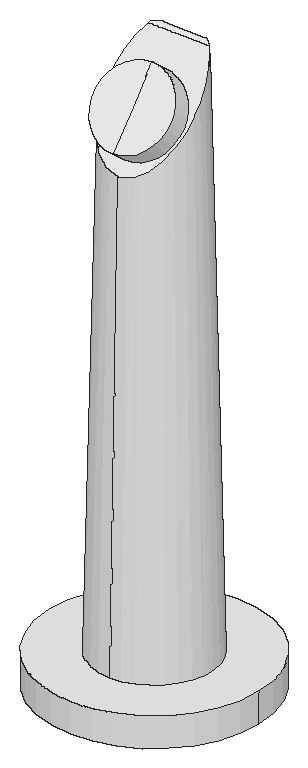
Revit family "Tub_Spout-GROHE-Eurosmart-13354XX3_Series", category Plumbing Fixtures, host Face, Revit 2018
Family settings
  Host = Face
  Round Connector Dimension = Use Diameter
  Part Type = Normal
  OmniClass Number = 23.45.05.14.21.11
  OmniClass Title = Bath/Shower Units
  Cut with Voids When Loaded = No
  Shared = Yes
  Room Calculation Point = No
Parameters (values of type "13354003")
  Width = 2 11/16"
  Waste Connection = no
  WFU = 4  # constant formula
  Vent Connection = no
  URL = "https://www.grohe.us/"
  Type Comments = ""
  Tempered Water Connection Radius = 1/4"
  Tempered Water Connection Diameter = Tempered Water Connection Radius * 2  # 1/2"
  Tempered Connection = yes
  Product Page URL = "https://www.grohe.us/Tub-Fillers/Tub-Spout/GROHE-CHROME-13354003"
  Product Documentation Link = "https://americanstandard.box.com/shared/static/e6aundnvta9qsnflgssmpyeg2ajhng1d.pdf"
  Price = "Prices may vary. Please consult Manufacturer Representative for most up-to-date price list."  # constant formula
  Model = "13354003"
  Material = "Brass-Grohe-StarLight Chrome"
  Manufacturer = "Grohe"  # constant formula
  Length = 7"
  IAPMO Compliance = "Massachusetts Plumbing Board Approved. CSA B125.1. ASME A112.18.1"  # constant formula
  Height = 2 11/16"
  HWFU = 3  # constant formula
  HW Connection = no
  Finish = Brass-Grohe-StarLight Chrome
  Description = "The Eurosmart Tub Spout has a contemporary style crafted to the exacting standards you expect from GROHE. Designed to match the Eurosmart collection, the tub spout is the perfect finishing touch."
  Default Elevation = 25"
  Creation Date = "11/15/2021"  # constant formula
  CWFU = 3  # constant formula
  CW Connection = no
  Assembly Code = "D2010510"
Types (3): name | Product Page URL | Model | Material | Finish
  (no name) | "https://www.grohe.us/Tub-Fillers/Tub-Spout/GROHE-CHROME-13354003" | "13354003" | "Brass-Grohe-StarLight Chrome" | Brass-Grohe-StarLight Chrome
  13354003 | "https://www.grohe.us/Tub-Fillers/Tub-Spout/GROHE-CHROME-13354003" | "13354003" | "Brass-Grohe-StarLight Chrome" | Brass-Grohe-StarLight Chrome
  13354EN3 | "https://www.grohe.us/Tub-Fillers/Tub-Spout/GROHE-BRUSHED-NICKEL-13354EN3" | "13354EN3" | "Brass-Grohe-Brushed Nickel Infinity Finish" | Brass-Grohe-Brushed Nickel Infinity Finish
Reference planes (in)
  plane 1 "Center (Front/Back)": y = 0
  plane 2: z = 0
  plane 3 "Center (Left/Right)": x = 0
  plane 4: z = 0.375
  plane 5: z = 6.75
  plane 6: through (0, -0.48086, 6.85726) normal (0, 0.6293, 0.7771)
  plane 7: y = -25
Forms (in)
  Extrusion 1, solid, material "Brass-Grohe-StarLight Chrome" <- "Finish"
    sketch origin (0, 0, 0) x (1, 0, 0) y (0, 1, 0)
      loop
        circle (0, 0) r 1.34375
    from 0 to 0.375
  Revolve 2, solid, material "Brass-Grohe-StarLight Chrome" <- "Finish"
    sketch origin (0, 0, 0) x (0, 1, 0) y (0, 0, 1)
      loop
        line (0, 0.375) -> (0, 7.33974) -> (-0.55016, 7.33974) -> (-0.71897, 0.375) -> (0, 0.375)
      axis (0, 7.33974) -> (0, 0.375)
    angle from 0 to 360
  Extrusion 3, void
    sketch origin (0, 0.125, 0) x (1, 0, 0) y (0, 1, 0)
      loop
        line (-0.91101, 0.83601) -> (-0.91101, 0.28082)
        arc (-0.91101, 0.28082) -> (0.03163, 0.37448) -> (0.97285, 0.26749) r 4.47201
        line (0.97285, 0.26749) -> (0.97285, 0.83601) -> (-0.91101, 0.83601)
    from 0.375 to 7.93621
  Extrusion 4, void
    sketch origin (0, 0, -0.3125) x (0, 1, 0) y (0, 0, 1)
      loop
        arc (0.39387, 7.58187) -> (0.46449, 7.60179) -> (0.50683, 7.54187) r 0.06357
        line (0.50683, 7.54187) -> (0.50683, 7.13384) -> (0.78197, 7.13384) -> (0.78197, 7.87863) -> (-0.88475, 7.87863) -> (-0.88475, 6.00291) -> (0.39387, 7.58187)
    from -1.71943 to 1.57543
  Revolve 5, solid, material "Brass-Grohe-StarLight Chrome" <- "Finish"
    sketch origin (0, 0, 0.29462) x (0, 1, 0) y (0, 0, 1)
      loop
        line (-0.15412, 6.29805) -> (0.16054, 6.68662) -> (-0.03374, 6.84395) -> (-0.3484, 6.45538) -> (-0.15412, 6.29805)
      axis (-0.15412, 6.29805) -> (-0.3484, 6.45538)
    angle from 0 to 360
Cuts and joins
  Extrusion 3 cuts Extrusion 1
  Extrusion 3, Extrusion 4 cuts Revolve 2
Lines and regions (in)
  Masking region 1
    outline origin (0, 0, 0) x (1, 0, 0) y (0, 0, 1)
      loop
        line (1.34375, 0.375) -> (0.72054, 0.375) -> (0.56489, 6.74864)
        arc (0.56489, 6.74864) -> (0.54283, 6.93644) -> (0.4866, 7.11698) r 1.02345
        arc (0.4866, 7.11698) -> (0.44397, 7.19793) -> (0.3875, 7.26992) r 0.50761
        arc (0.3875, 7.26992) -> (0.36237, 7.28753) -> (0.33232, 7.29375) r 0.0758
        line (0.33232, 7.29375) -> (-0.33232, 7.29375)
        arc (-0.33232, 7.29375) -> (-0.36237, 7.28753) -> (-0.3875, 7.26992) r 0.0758
        arc (-0.3875, 7.26992) -> (-0.44397, 7.19793) -> (-0.4866, 7.11698) r 0.50761
        arc (-0.4866, 7.11698) -> (-0.54283, 6.93644) -> (-0.56489, 6.74864) r 1.02345
        line (-0.56489, 6.74864) -> (-0.72054, 0.375) -> (-1.34375, 0.375) -> (-1.34375, 0) -> (1.34375, 0) -> (1.34375, 0.375)
  symbolic lines, detail levels medium+fine
    curve 1: spline (0.54676, 0, 0.375) -> (0.52769, 0, 0.9497) -> (0.50757, 0, 1.52437) -> (0.48641, 0, 2.09901) -> (0.46421, 0, 2.6736) -> (0.44096, 0, 3.24815) -> (0.41667, 0, 3.82266) -> (0.39134, 0, 4.39713) -> (0.36497, 0, 4.97154) -> (0.33755, 0, 5.54591) -> (0.3091, 0, 6.12023) -> (0.2796, 0, 6.6945) -> (0.24906, 0, 7.26871)
    curve 2: spline (-0.24905, 0, 7.26879) -> (-0.2796, 0, 6.69457) -> (-0.3091, 0, 6.1203) -> (-0.33756, 0, 5.54598) -> (-0.36498, 0, 4.9716) -> (-0.39135, 0, 4.39718) -> (-0.41668, 0, 3.8227) -> (-0.44097, 0, 3.24819) -> (-0.46421, 0, 2.67363) -> (-0.48642, 0, 2.09903) -> (-0.50757, 0, 1.52439) -> (-0.52769, 0, 0.94971) -> (-0.54676, 0, 0.375)
    curve 3: spline (0.24906, 0, 7.26871) -> (0.26012, 0, 7.27606) -> (0.2716, 0, 7.28218) -> (0.28341, 0, 7.28703) -> (0.29543, 0, 7.29057) -> (0.30757, 0, 7.29276) -> (0.31972, 0, 7.29359) -> (0.33178, 0, 7.29305) -> (0.34364, 0, 7.29114) -> (0.3552, 0, 7.28788) -> (0.36636, 0, 7.28329) -> (0.37703, 0, 7.27743) -> (0.38711, 0, 7.27033)
    curve 4: spline (-0.38717, 0, 7.27027) -> (-0.37771, 0, 7.2772) -> (-0.36756, 0, 7.28292) -> (-0.3568, 0, 7.2874) -> (-0.34552, 0, 7.29059) -> (-0.33382, 0, 7.29246) -> (-0.32181, 0, 7.293) -> (-0.30959, 0, 7.2922) -> (-0.29726, 0, 7.29007) -> (-0.28494, 0, 7.28663) -> (-0.27273, 0, 7.28191) -> (-0.26073, 0, 7.27595) -> (-0.24905, 0, 7.26879)
    curve 6: line (1.34375, 0, 0.375) -> (-1.34375, 0, 0.375)
  symbolic lines, detail levels fine
    curve 5: spline (-0.24865, 0, 7.26936) -> (-0.20731, 0, 7.26615) -> (-0.16592, 0, 7.26352) -> (-0.12448, 0, 7.26147) -> (-0.08301, 0, 7.26) -> (-0.04151, 0, 7.25913) -> (0, 0, 7.25883) -> (0.04151, 0, 7.25913) -> (0.08301, 0, 7.26) -> (0.12448, 0, 7.26147) -> (0.16592, 0, 7.26352) -> (0.20731, 0, 7.26615) -> (0.24865, 0, 7.26936)
Dimensions and locks (in)
  plane 4 to level = 3/8"
  plane 5 to level = 6 3/4"
  plane 7 to plane 1 "Center (Front/Back)" = 25"
  angle plane 5 to plane 6 = 39.00°
  aligned and locked: plane 2 to host face
  aligned and locked: level to host face
  aligned and locked: plane 4 to Extrusion 1
Connectors (in)
  piping at (0, 0, 0), diameter 0.5, driven by "Tempered Water Connection Diameter"
    settings: on cut or joined group of Extrusion 1, Extrusion 3, index 1, connector inside diameter 24", connector length 0", flow factor 0, pipe flow 0 GPM, pressure drop 0.00 psi, fitting loss kfactor 0, connector angle 0.00°, fixture units 0, engagement length 0", angle of deflection 0.00°, flow configuration 0, flow direction 1, fitting loss method 0, system type 29, joint type 0, gender type 0, connector reference index -1, connector utility 0, adjustable connector no, is connector primary yes, connector description "1/2\" NPT Inlet Connection"
